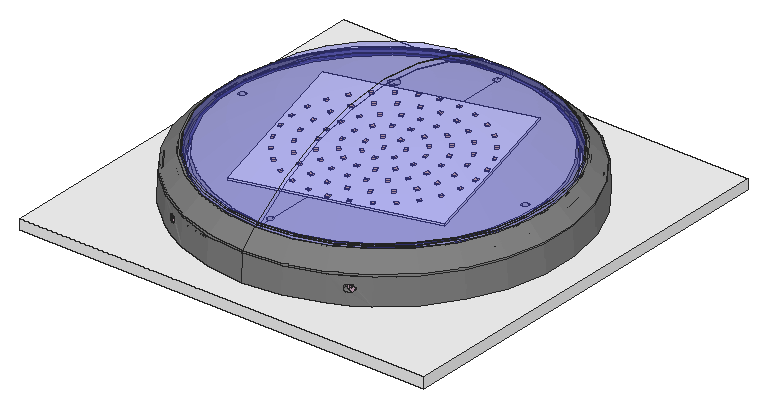
Revit family "BE_24714_de_DE", category Leuchten, Revit 2020
Family settings
  Basisbauteil = Fläche
  Bemaßung runder Anschluss = Durchmesser verwenden
  Teiletyp = Normal
  Beim Laden mit Abzugskörper schneiden = Ja
  Lichtquelle = Ja
  Gemeinsam genutzt = Nein
  Raumberechnungspunkt = Ja
Parameters (values of type "BEGA_24714_Grafit_K3")
  built-in parameter 1150104 = 13.284 (stored number, unit not read)
  Wattage = 27.8 W
  Default Elevation = 0 mm
  built-in parameter 1150113 = 1 (stored number, unit not read)
  built-in parameter 1114218 = 1 (stored number, unit not read)
  Umgebungstemperatur = "25 °C"
  URL = "https://www.bega.com/de/produkt/24714"
  Typenkommentare = "© 2022 BEGA. Wir behalten uns das Recht vor, technische Änderungen ohne vorherige Ankündigung vorzunehmen."  # constant formula
  built-in parameter 1150134 = (empty or 0)
  built-in parameter 1150109 = 1 (stored number, unit not read)
  Strom = ""
  built-in parameter 1150110 = 1 (stored number, unit not read)
  Spannung = 239.996 V
  Sonderanfertigung = no
  Seriennummer [instance] = "Hier können Sie die eindeutige Seriennummer für das Facility Management eintragen."
  Schutzklasse = "I"
  Schutzart = "IP 65"
  Scheinlast = 0 VA
  Produktdatenblatt = "https://cdn.bega.com/bega/products/24714AK3/current/documents/data-sheets/de"
  Oberflächentemperatur = ""
  Neigungswinkel = 0.00°
  Modell = "24714K3"
  Material_20 = BEGA_Platte_Weiss
  Material_18 = BEGA_Gummi_schwarz
  Material_17 = BEGA_Reflektor
  Material_15 = BEGA_Leuchtmedium_matt
  Material_11 = BEGA_Glas_opal
  Material_10 = BEGA_Glas_matt
  Material_09 = BEGA_Glas_klar
  Material_06 = BEGA_Oberfläche_Edelstahl_gebürstet
  Material_03 = BEGA_Oberfläche_Weiss_matt
  Material_02 = BEGA_Oberfläche_Silber_matt
  Material_01 [instance] = BEGA_Oberfläche_Grafit_matt
  M_W = no
  M_G = yes
  M_A = no
  Logo = 0
  built-in parameter 1114217 = 1 (stored number, unit not read)
  built-in parameter 1150139 = (empty or 0)
  built-in parameter 1150105 = 316.33 (stored number, unit not read)
  built-in parameter 1150114 = 1 (stored number, unit not read)
  Lumens = 3975.12 lm
  built-in parameter 1150115 = 1 (stored number, unit not read)
  Leuchtenlichtstrom = "2651 lm"
  Leuchtenanzahl = ""
  Lebensdauerkriterien = "L70B50 @ 25 °C = 155000 h"
  Lastklassifizierung = Beleuchtung
  built-in parameter 1150112 = 1 (stored number, unit not read)
  Lampenlichtstrom = "3975 lm"
  Lampe = "LED 23.9 W"
  LED_Modulbezeichnung = "LED-0993/830"
  built-in parameter 1150142 = (empty or 0)
  Hersteller = "BEGA"  # constant formula
  Halbstreuwinkel = ""
  Gewicht = "4.05 kg"
  Gebrauchslageneinschränkung [instance] = ""
  Frequenz = "0/50-60 Hz"
  Farbwiedergabeindex = "CRI > 80"
  Farbtemperaturverschiebung bei Dämpfen der Lampe = <Keine Auswahl>
  Farbtemperatur = "3000 K"
  Color Filter = 16777215
  built-in parameter 1150133 = 10 (stored number, unit not read)
  Energieeffizienzklasse = "LED A++ - A"
  built-in parameter 1150137 = (empty or 0)
  built-in parameter 1150132 = (empty or 0)
  ENEC = ""
  Dimmbar [instance] = "on/off"
  Datei für fotometrisches Netz = "BE_24714K3.IES"
  CE_Konformität = "ja"
  Bestellnummer = "24714K3"
  Beschreibung_Sonderanfertigung = "Hier können Sie Informationen zur Sonderanfertigung eintragen."
  Beschreibung = "Decken- und Wandleuchte"
  built-in parameter 1150106 = 3.1633 (stored number, unit not read)
  Befestigungsbohrung = "Ø 4,5 mm"
  Befestigungsabstand = "325 mm"
  Ballwurfsicher = ""
  BEGA_Intern_aus = yes
  BEGA_Intern_an = yes
  BEGA_Intern_Konstruktion = yes
  BEGA_Intern = yes
  BEGA_IES = yes
  BEGA_Dummy = no
  Anschlussleitung = ""
  Anschlussleistung [instance] = "27.8 W"
  Anschlusskasten = ""
  built-in parameter 1150107 = 3000 (stored number, unit not read)
  built-in parameter 1150102 = (empty or 0)
  built-in parameter 1150138 = (empty or 0)
  Aktualisierung = "2022-05-18T04:00:07"
  Abstand_zur_angestrahlten_Fläche [instance] = ""
  AC/DC = "AC/DC"
Reference planes
  plane 1 "Mitte (Vorne/Hinten)": y = 0
  plane 2: z = 0
  plane 3 "Mitte (Links/Rechts)": x = 0
  plane 4 "Links": x = -175.4
  plane 5 "Rechts": x = 175.4
  plane 6 "Unten": y = -175.4
  plane 7 "Oben": y = 175.4
  plane 8 "Vorne": z = 105
  plane 9 "Hinten": z = 0
Forms (mm)
  Extrusion 1, solid, material "BEGA_Platte_Weiss"
    sketch origin (0, -1119.2, 0) x (1, 0, 0) y (0, 1, 0)
      loop
        line (-200, 1319.2) -> (-200, 919.2) -> (200, 919.2) -> (200, 1319.2) -> (-200, 1319.2)
    from 0 to -10
  Extrusion 2, solid, material "BEGA_Dummy_matt", visible <- "BEGA_Dummy"
    sketch origin (77.149, -76.023, -0.282) x (1, 0, 0) y (0, 1, 0)
      loop
        circle (-77.149, 76.023) r 175.4
    from 0 to 105.282
Dimensions and locks
  plane 1 "Mitte (Vorne/Hinten)" to Extrusion 1 = 200 mm
  aligned and locked: Extrusion 1 to plane 2
  aligned and locked: level to Extrusion 1
Nested families
  nested 1: "BE_24714" at (0, 0, 0), type "BE_24714"
Connectors
  electrical at (0, 0, 0), driven by "Lastklassifizierung", driven by "Spannung", driven by "Scheinlast"
    settings: index 1, voltage 239.996 V, apparent load 0 VA, apparent load phase1 0 VA, apparent load phase2 0 VA, apparent load phase3 0 VA, power factor 1, load classification "Beleuchtung", number of poles 1, system type 31, power factor state 1, is connector primary yes, connector utility no, sub classification motor no, connector description ""
Definition of nested family "BE_24714"
  Parameters (values of type "BE_24714")
    Default Elevation = 1 mm
    URL = "http://www.bega.de/de/produkt"
    Type Comments = "© 2015 BEGA. Wir behalten uns das Recht vor, technische Änderungen ohne vorherige Ankündigung vorzunehmen. "  # constant formula
    Type Image = (empty or 0)
    Neigungswinkel_um_Z2 = 0.00°
    Neigungswinkel_um_Z1 = 0.00°
    Neigungswinkel_um_Y2 = 0.00°
    Neigungswinkel_um_Y1 = 0.00°
    Neigungswinkel_um_X2 = 0.00°
    Neigungswinkel_um_X1 = 0.00°
    Material_20 = none
    Material_18 = none
    Material_17 = none
    Material_15 = none
    Material_11 = none
    Material_10 = none
    Material_09 = none
    Material_06 = none
    Material_03 = none
    Material_02 = none
    Material_01 = none
    M_W = yes
    M_G = yes
    M_A = yes
    Länge_Platte = 400 mm  # constant formula
    Höhe_Platte = -10 mm  # constant formula
    Manufacturer = "BEGA"  # constant formula
    Drehwinkel_um_Z2 = 0.00°
    Drehwinkel_um_Z1 = 0.00°
    Breite_Platte = 400 mm  # constant formula
  Reference planes
    plane 1 "Mitte (Oben/Unten)": y = 0
    plane 2: z = 0
    plane 3 "Mitte (Links/Rechts)": x = 0
  Forms (mm)
    Extrusion 1, solid, detail levels medium
      sketch origin (0, 0, 0) x (1, 0, 0) y (0, 1, 0)
        loop
          line (-200, 200) -> (-200, -200) -> (200, -200) -> (200, 200) -> (-200, 200)
      from 0 to -10 <- "Höhe_Platte"
    Revolve 2, solid, material <- "Material_11"
      sketch origin (0, 0, 0) x (0, 1, 0) y (0, 0, 1)
        loop
          line (0, 104.896) -> (0, 99.896)
          arc (0, 99.896) -> (80.858, 85.501) -> (151.781, 44.087) r 234.3
          line (151.781, 44.087) -> (152.188, 32.41) -> (160, 32.41)
          arc (160, 32.41) -> (160.719, 32.715) -> (160.999, 33.443) r 1
          line (160.999, 33.443) -> (160.895, 36.443)
          arc (160.895, 36.443) -> (160.59, 37.129) -> (159.895, 37.41) r 1
          line (159.895, 37.41) -> (157.017, 37.41) -> (156.732, 45.577)
          arc (156.732, 45.577) -> (156.536, 46.374) -> (156.037, 47.026) r 2
          arc (156.037, 47.026) -> (83.211, 89.962) -> (0, 104.896) r 239.3
        axis (0, 32.41) -> (0, 104.896)
      angle from 0 to 360
    Revolve 3, solid, material <- "Material_01", visible <- "M_G"
      sketch origin (0, 0, 0) x (0, 1, 0) y (0, 0, 1)
        loop
          line (159, 44.435) -> (157.836, 44.435) -> (158, 39.74) -> (159.723, 39.74)
          arc (159.723, 39.74) -> (165.719, 34.044) -> (171.512, 28.143) r 236.3
          line (171.512, 28.143) -> (172.4, 2.7) -> (175.4, 2.7) -> (174.495, 28.624)
          arc (174.495, 28.624) -> (174.342, 29.327) -> (173.95, 29.931) r 2
          arc (173.95, 29.931) -> (166.633, 37.346) -> (159, 44.435) r 239.3
        axis (0, 2.7) -> (0, 44.435)
      angle from 0 to 360
    Revolve 4, solid, material <- "Material_03"
      sketch origin (0, 0, 0) x (0, 1, 0) y (0, 0, 1)
        loop
          line (-171, 22.9) -> (-170.895, 19.9) -> (-159.727, 19.9) -> (-159.5, 26.4) -> (-147.5, 26.4) -> (-145.603, 39.9) -> (0, 39.9) -> (0, 43.4) -> (-149.103, 43.4) -> (-151, 29.9) -> (-161.756, 29.9) -> (-162, 22.9) -> (-171, 22.9)
        axis (0, 43.4) -> (0, 19.9)
      angle from 0 to 360
    Revolve 5, solid, material <- "Material_01"
      sketch origin (0, 0, 0) x (0, 1, 0) y (0, 0, 1)
        loop
          line (-144.837, 7.2) -> (-145.5, 26.2) -> (-147.343, 26.2) -> (-147.5, 21.7) -> (-153.3, 21.7) -> (-153.457, 26.2) -> (-156, 26.2) -> (-155.794, 20.294) -> (-153, 17.5) -> (-148.2, 17.5) -> (-147.746, 4.5) -> (0, 4.5) -> (0, 7.2) -> (-144.837, 7.2)
        axis (0, 4.5) -> (0, 26.2)
      angle from 0 to 360
    Revolve 6, solid, material <- "Material_18"
      sketch origin (0, 0, 0) x (0, 1, 0) y (0, 0, 1)
        loop
          line (156.537, 39.74) -> (156.537, 37.41) -> (160.997, 37.41) -> (160.997, 32.41) -> (154.337, 32.41) -> (154.337, 29.9) -> (161.837, 29.9) -> (161.837, 37.66) -> (159.757, 39.74) -> (156.537, 39.74)
        axis (0, 29.9) -> (0, 39.74)
      angle from 0 to 360
    Extrusion 7, solid, material <- "Material_20"
      sketch origin (0, 0, 0) x (1, 0, 0) y (0, 1, 0)
        loop
          line (-112.064, 64.7) -> (-64.7, -112.064) -> (112.064, -64.7) -> (64.7, 112.064) -> (-112.064, 64.7)
      from 43.4 to 45.05
    Extrusion 8, solid, material <- "Material_01"
      sketch origin (0, 0, 0) x (1, 0, 0) y (0, 1, 0)
        loop
          arc (-163.508, 20.28) -> (-164.761, 0) -> (-163.508, -20.28) r 164.761
          arc (-163.508, -20.28) -> (-160.986, -22.244) -> (-159.021, -19.722) r 2.261
          arc (-159.021, -19.722) -> (-160.239, 0) -> (-159.021, 19.722) r 160.239
          arc (-159.021, 19.722) -> (-160.986, 22.246) -> (-163.508, 20.28) r 2.261
        loop
          line (-165.088, -28.942) -> (-140.124, -33.344) -> (-141.674, 33.071) -> (-165.088, 28.942)
          arc (-165.088, 28.942) -> (-167.606, 0) -> (-165.088, -28.942) r 167.606
        loop
          arc (159.021, -19.722) -> (161.01, -22.246) -> (163.514, -20.231) r 2.261
          arc (163.514, -20.231) -> (164.761, 0.023) -> (163.508, 20.276) r 164.761
          arc (163.508, 20.276) -> (160.987, 22.242) -> (159.021, 19.722) r 2.261
          arc (159.021, 19.722) -> (160.239, 0) -> (159.021, -19.722) r 160.239
        loop
          arc (165.088, -28.942) -> (167.606, 0) -> (165.088, 28.942) r 167.606
          line (165.088, 28.942) -> (141.674, 33.071) -> (140.124, -33.344) -> (165.088, -28.942)
      from 0 to 19.9
    Extrusion 9, void
      sketch origin (0, 0, 0) x (1, 0, 0) y (0, 1, 0)
        loop
          circle (0, 140) r 3.25
        loop
          circle (-59.689, 87.534) r 5.229
        loop
          circle (-140, 0) r 3.25
        loop
          circle (0, -140) r 3.25
        loop
          circle (140, 0) r 3.25
      from 37.7 to 45.4
    Revolve 10, solid, material <- "Material_02", visible <- "M_A"
      sketch origin (0, 0, 0) x (0, 1, 0) y (0, 0, 1)
        loop
          line (159, 44.435) -> (157.836, 44.435) -> (158, 39.74) -> (159.723, 39.74)
          arc (159.723, 39.74) -> (165.719, 34.044) -> (171.512, 28.143) r 236.3
          line (171.512, 28.143) -> (172.4, 2.7) -> (175.4, 2.7) -> (174.495, 28.624)
          arc (174.495, 28.624) -> (174.342, 29.327) -> (173.95, 29.931) r 2
          arc (173.95, 29.931) -> (166.633, 37.346) -> (159, 44.435) r 239.3
        axis (0, 2.7) -> (0, 44.435)
      angle from 0 to 360
    Extrusion 11, void
      sketch origin (0, 0, 0) x (1, 0, 0) y (0, 0, 1)
        loop
          circle (87.398, 17.9) r 4
      from 132.285 to 179.868
    Extrusion 12, void
      sketch origin (0, 0, 0) x (-1, 0, 0) y (0, 0, -1)
        loop
          circle (87.398, -17.9) r 4
      from 132.285 to 179.868
    Extrusion 13, solid, material <- "Material_06"
      sketch origin (0, 0, 0) x (1, 0, 0) y (0, 0, 1)
        loop
          circle (-87.398, 17.9) r 4
        loop
          circle (87.398, 17.9) r 4
      from 140.018 to 149.181
    Extrusion 14, void
      sketch origin (0, 0, 0) x (1, 0, 0) y (0, 0, 1)
        loop
          line (-87.398, 19.9) -> (-89.13, 18.9) -> (-89.13, 16.9) -> (-87.398, 15.9) -> (-85.666, 16.9) -> (-85.666, 18.9) -> (-87.398, 19.9)
        loop
          line (87.398, 19.9) -> (85.666, 18.9) -> (85.666, 16.9) -> (87.398, 15.9) -> (89.13, 16.9) -> (89.13, 18.9) -> (87.398, 19.9)
      from 141.7 to 155.573
    Extrusion 15, solid, material <- "Material_15"
      sketch origin (0, 0, 0) x (1, 0, 0) y (0, 1, 0)
        loop
          line (-33.353, 82.422) -> (-32.349, 79.808) -> (-29.362, 80.955) -> (-30.365, 83.569) -> (-33.353, 82.422)
      from 45.05 to 45.628
    Extrusion 16, solid, material <- "Material_15"
      sketch origin (0, 0, 0) x (0.978148, -0.207912, 0) y (0.207912, 0.978148, 0)
        loop
          line (-33.353, 82.422) -> (-32.349, 79.808) -> (-29.362, 80.955) -> (-30.365, 83.569) -> (-33.353, 82.422)
      from 45.05 to 45.628
    Extrusion 17, solid, material <- "Material_15"
      sketch origin (0, 0, 0) x (0.913545, -0.406737, 0) y (0.406737, 0.913545, 0)
        loop
          line (-33.353, 82.422) -> (-32.349, 79.808) -> (-29.362, 80.955) -> (-30.365, 83.569) -> (-33.353, 82.422)
      from 45.05 to 45.628
    Extrusion 18, solid, material <- "Material_15"
      sketch origin (0, 0, 0) x (0.809017, -0.587785, 0) y (0.587785, 0.809017, 0)
        loop
          line (-33.353, 82.422) -> (-32.349, 79.808) -> (-29.362, 80.955) -> (-30.365, 83.569) -> (-33.353, 82.422)
      from 45.05 to 45.628
    Extrusion 19, solid, material <- "Material_15"
      sketch origin (0, 0, 0) x (0.66913, -0.743145, 0) y (0.743145, 0.66913, 0)
        loop
          line (-33.353, 82.422) -> (-32.349, 79.808) -> (-29.362, 80.955) -> (-30.365, 83.569) -> (-33.353, 82.422)
      from 45.05 to 45.628
    Extrusion 20, solid, material <- "Material_15"
      sketch origin (0, 0, 0) x (0.5, -0.866026, 0) y (0.866026, 0.5, 0)
        loop
          line (-33.353, 82.422) -> (-32.349, 79.808) -> (-29.362, 80.955) -> (-30.365, 83.569) -> (-33.353, 82.422)
      from 45.05 to 45.628
    Extrusion 21, solid, material <- "Material_15"
      sketch origin (0, 0, 0) x (0.309017, -0.951057, 0) y (0.951057, 0.309017, 0)
        loop
          line (-33.353, 82.422) -> (-32.349, 79.808) -> (-29.362, 80.955) -> (-30.365, 83.569) -> (-33.353, 82.422)
      from 45.05 to 45.628
    Extrusion 22, solid, material <- "Material_15"
      sketch origin (0, 0, 0) x (0.104528, -0.994522, 0) y (0.994522, 0.104528, 0)
        loop
          line (-33.353, 82.422) -> (-32.349, 79.808) -> (-29.362, 80.955) -> (-30.365, 83.569) -> (-33.353, 82.422)
      from 45.05 to 45.628
    Extrusion 23, solid, material <- "Material_15"
      sketch origin (0, 0, 0) x (-0.104529, -0.994522, 0) y (0.994522, -0.104529, 0)
        loop
          line (-33.353, 82.422) -> (-32.349, 79.808) -> (-29.362, 80.955) -> (-30.365, 83.569) -> (-33.353, 82.422)
      from 45.05 to 45.628
    Extrusion 24, solid, material <- "Material_15"
      sketch origin (0, 0, 0) x (-0.309017, -0.951056, 0) y (0.951056, -0.309017, 0)
        loop
          line (-33.353, 82.422) -> (-32.349, 79.808) -> (-29.362, 80.955) -> (-30.365, 83.569) -> (-33.353, 82.422)
      from 45.05 to 45.628
    Extrusion 25, solid, material <- "Material_15"
      sketch origin (0, 0, 0) x (-0.5, -0.866025, 0) y (0.866025, -0.5, 0)
        loop
          line (-33.353, 82.422) -> (-32.349, 79.808) -> (-29.362, 80.955) -> (-30.365, 83.569) -> (-33.353, 82.422)
      from 45.05 to 45.628
    Extrusion 26, solid, material <- "Material_15"
      sketch origin (0, 0, 0) x (-0.669131, -0.743145, 0) y (0.743145, -0.669131, 0)
        loop
          line (-33.353, 82.422) -> (-32.349, 79.808) -> (-29.362, 80.955) -> (-30.365, 83.569) -> (-33.353, 82.422)
      from 45.05 to 45.628
    Extrusion 27, solid, material <- "Material_15"
      sketch origin (0, 0, 0) x (-0.809017, -0.587785, 0) y (0.587785, -0.809017, 0)
        loop
          line (-33.353, 82.422) -> (-32.349, 79.808) -> (-29.362, 80.955) -> (-30.365, 83.569) -> (-33.353, 82.422)
      from 45.05 to 45.628
    Extrusion 28, solid, material <- "Material_15"
      sketch origin (0, 0, 0) x (-0.913546, -0.406736, 0) y (0.406736, -0.913546, 0)
        loop
          line (-33.353, 82.422) -> (-32.349, 79.808) -> (-29.362, 80.955) -> (-30.365, 83.569) -> (-33.353, 82.422)
      from 45.05 to 45.628
    Extrusion 29, solid, material <- "Material_15"
      sketch origin (0, 0, 0) x (-0.978148, -0.207911, 0) y (0.207911, -0.978148, 0)
        loop
          line (-33.353, 82.422) -> (-32.349, 79.808) -> (-29.362, 80.955) -> (-30.365, 83.569) -> (-33.353, 82.422)
      from 45.05 to 45.628
    Extrusion 30, solid, material <- "Material_15"
      sketch origin (0, 0, 0) x (-1, 0.000001, 0) y (-0.000001, -1, 0)
        loop
          line (-33.353, 82.422) -> (-32.349, 79.808) -> (-29.362, 80.955) -> (-30.365, 83.569) -> (-33.353, 82.422)
      from 45.05 to 45.628
    Extrusion 31, solid, material <- "Material_15"
      sketch origin (0, 0, 0) x (-0.978147, 0.207912, 0) y (-0.207912, -0.978147, 0)
        loop
          line (-33.353, 82.422) -> (-32.349, 79.808) -> (-29.362, 80.955) -> (-30.365, 83.569) -> (-33.353, 82.422)
      from 45.05 to 45.628
    Extrusion 32, solid, material <- "Material_15"
      sketch origin (0, 0, 0) x (-0.913545, 0.406737, 0) y (-0.406737, -0.913545, 0)
        loop
          line (-33.353, 82.422) -> (-32.349, 79.808) -> (-29.362, 80.955) -> (-30.365, 83.569) -> (-33.353, 82.422)
      from 45.05 to 45.628
    Extrusion 33, solid, material <- "Material_15"
      sketch origin (0, 0, 0) x (-0.809017, 0.587786, 0) y (-0.587786, -0.809017, 0)
        loop
          line (-33.353, 82.422) -> (-32.349, 79.808) -> (-29.362, 80.955) -> (-30.365, 83.569) -> (-33.353, 82.422)
      from 45.05 to 45.628
    Extrusion 34, solid, material <- "Material_15"
      sketch origin (0, 0, 0) x (-0.66913, 0.743145, 0) y (-0.743145, -0.66913, 0)
        loop
          line (-33.353, 82.422) -> (-32.349, 79.808) -> (-29.362, 80.955) -> (-30.365, 83.569) -> (-33.353, 82.422)
      from 45.05 to 45.628
    Extrusion 35, solid, material <- "Material_15"
      sketch origin (0, 0, 0) x (-0.499999, 0.866026, 0) y (-0.866026, -0.499999, 0)
        loop
          line (-33.353, 82.422) -> (-32.349, 79.808) -> (-29.362, 80.955) -> (-30.365, 83.569) -> (-33.353, 82.422)
      from 45.05 to 45.628
    Extrusion 36, solid, material <- "Material_15"
      sketch origin (0, 0, 0) x (-0.309016, 0.951057, 0) y (-0.951057, -0.309016, 0)
        loop
          line (-33.353, 82.422) -> (-32.349, 79.808) -> (-29.362, 80.955) -> (-30.365, 83.569) -> (-33.353, 82.422)
      from 45.05 to 45.628
    Extrusion 37, solid, material <- "Material_15"
      sketch origin (0, 0, 0) x (-0.104528, 0.994522, 0) y (-0.994522, -0.104528, 0)
        loop
          line (-33.353, 82.422) -> (-32.349, 79.808) -> (-29.362, 80.955) -> (-30.365, 83.569) -> (-33.353, 82.422)
      from 45.05 to 45.628
    Extrusion 38, solid, material <- "Material_15"
      sketch origin (0, 0, 0) x (0.104529, 0.994522, 0) y (-0.994522, 0.104529, 0)
        loop
          line (-33.353, 82.422) -> (-32.349, 79.808) -> (-29.362, 80.955) -> (-30.365, 83.569) -> (-33.353, 82.422)
      from 45.05 to 45.628
    Extrusion 39, solid, material <- "Material_15"
      sketch origin (0, 0, 0) x (0.309018, 0.951056, 0) y (-0.951056, 0.309018, 0)
        loop
          line (-33.353, 82.422) -> (-32.349, 79.808) -> (-29.362, 80.955) -> (-30.365, 83.569) -> (-33.353, 82.422)
      from 45.05 to 45.628
    Extrusion 40, solid, material <- "Material_15"
      sketch origin (0, 0, 0) x (0.500001, 0.866025, 0) y (-0.866025, 0.500001, 0)
        loop
          line (-33.353, 82.422) -> (-32.349, 79.808) -> (-29.362, 80.955) -> (-30.365, 83.569) -> (-33.353, 82.422)
      from 45.05 to 45.628
    Extrusion 41, solid, material <- "Material_15"
      sketch origin (0, 0, 0) x (0.669131, 0.743144, 0) y (-0.743144, 0.669131, 0)
        loop
          line (-33.353, 82.422) -> (-32.349, 79.808) -> (-29.362, 80.955) -> (-30.365, 83.569) -> (-33.353, 82.422)
      from 45.05 to 45.628
    Extrusion 42, solid, material <- "Material_15"
      sketch origin (0, 0, 0) x (0.809018, 0.587784, 0) y (-0.587784, 0.809018, 0)
        loop
          line (-33.353, 82.422) -> (-32.349, 79.808) -> (-29.362, 80.955) -> (-30.365, 83.569) -> (-33.353, 82.422)
      from 45.05 to 45.628
    Extrusion 43, solid, material <- "Material_15"
      sketch origin (0, 0, 0) x (0.913546, 0.406736, 0) y (-0.406736, 0.913546, 0)
        loop
          line (-33.353, 82.422) -> (-32.349, 79.808) -> (-29.362, 80.955) -> (-30.365, 83.569) -> (-33.353, 82.422)
      from 45.05 to 45.628
    Extrusion 44, solid, material <- "Material_15"
      sketch origin (0, 0, 0) x (0.978148, 0.207911, 0) y (-0.207911, 0.978148, 0)
        loop
          line (-33.353, 82.422) -> (-32.349, 79.808) -> (-29.362, 80.955) -> (-30.365, 83.569) -> (-33.353, 82.422)
      from 45.05 to 45.628
    Extrusion 45, solid, material <- "Material_15"
      sketch origin (0, 0, 0) x (1, 0, 0) y (0, 1, 0)
        loop
          line (-1.6, 71.4) -> (-1.6, 68.6) -> (1.6, 68.6) -> (1.6, 71.4) -> (-1.6, 71.4)
      from 45.05 to 45.918
    Extrusion 46, solid, material <- "Material_15"
      sketch origin (0, 0, 0) x (0.965926, -0.258819, 0) y (0.258819, 0.965926, 0)
        loop
          line (-1.6, 71.4) -> (-1.6, 68.6) -> (1.6, 68.6) -> (1.6, 71.4) -> (-1.6, 71.4)
      from 45.05 to 45.918
    Extrusion 47, solid, material <- "Material_15"
      sketch origin (0, 0, 0) x (0.866025, -0.5, 0) y (0.5, 0.866025, 0)
        loop
          line (-1.6, 71.4) -> (-1.6, 68.6) -> (1.6, 68.6) -> (1.6, 71.4) -> (-1.6, 71.4)
      from 45.05 to 45.918
    Extrusion 48, solid, material <- "Material_15"
      sketch origin (0, 0, 0) x (0.707107, -0.707107, 0) y (0.707107, 0.707107, 0)
        loop
          line (-1.6, 71.4) -> (-1.6, 68.6) -> (1.6, 68.6) -> (1.6, 71.4) -> (-1.6, 71.4)
      from 45.05 to 45.918
    Extrusion 49, solid, material <- "Material_15"
      sketch origin (0, 0, 0) x (0.5, -0.866025, 0) y (0.866025, 0.5, 0)
        loop
          line (-1.6, 71.4) -> (-1.6, 68.6) -> (1.6, 68.6) -> (1.6, 71.4) -> (-1.6, 71.4)
      from 45.05 to 45.918
    Extrusion 50, solid, material <- "Material_15"
      sketch origin (0, 0, 0) x (0.258819, -0.965926, 0) y (0.965926, 0.258819, 0)
        loop
          line (-1.6, 71.4) -> (-1.6, 68.6) -> (1.6, 68.6) -> (1.6, 71.4) -> (-1.6, 71.4)
      from 45.05 to 45.918
    Extrusion 51, solid, material <- "Material_15"
      sketch origin (0, 0, 0) x (0, -1, 0) y (1, 0, 0)
        loop
          line (-1.6, 71.4) -> (-1.6, 68.6) -> (1.6, 68.6) -> (1.6, 71.4) -> (-1.6, 71.4)
      from 45.05 to 45.918
    Extrusion 52, solid, material <- "Material_15"
      sketch origin (0, 0, 0) x (-0.258819, -0.965926, 0) y (0.965926, -0.258819, 0)
        loop
          line (-1.6, 71.4) -> (-1.6, 68.6) -> (1.6, 68.6) -> (1.6, 71.4) -> (-1.6, 71.4)
      from 45.05 to 45.918
    Extrusion 53, solid, material <- "Material_15"
      sketch origin (0, 0, 0) x (-0.5, -0.866025, 0) y (0.866025, -0.5, 0)
        loop
          line (-1.6, 71.4) -> (-1.6, 68.6) -> (1.6, 68.6) -> (1.6, 71.4) -> (-1.6, 71.4)
      from 45.05 to 45.918
    Extrusion 54, solid, material <- "Material_15"
      sketch origin (0, 0, 0) x (-0.707107, -0.707107, 0) y (0.707107, -0.707107, 0)
        loop
          line (-1.6, 71.4) -> (-1.6, 68.6) -> (1.6, 68.6) -> (1.6, 71.4) -> (-1.6, 71.4)
      from 45.05 to 45.918
    Extrusion 55, solid, material <- "Material_15"
      sketch origin (0, 0, 0) x (-0.866026, -0.5, 0) y (0.5, -0.866026, 0)
        loop
          line (-1.6, 71.4) -> (-1.6, 68.6) -> (1.6, 68.6) -> (1.6, 71.4) -> (-1.6, 71.4)
      from 45.05 to 45.918
    Extrusion 56, solid, material <- "Material_15"
      sketch origin (0, 0, 0) x (-0.965926, -0.258819, 0) y (0.258819, -0.965926, 0)
        loop
          line (-1.6, 71.4) -> (-1.6, 68.6) -> (1.6, 68.6) -> (1.6, 71.4) -> (-1.6, 71.4)
      from 45.05 to 45.918
    Extrusion 57, solid, material <- "Material_15"
      sketch origin (0, 0, 0) x (-1, 0, 0) y (0, -1, 0)
        loop
          line (-1.6, 71.4) -> (-1.6, 68.6) -> (1.6, 68.6) -> (1.6, 71.4) -> (-1.6, 71.4)
      from 45.05 to 45.918
    Extrusion 58, solid, material <- "Material_15"
      sketch origin (0, 0, 0) x (-0.965926, 0.25882, 0) y (-0.25882, -0.965926, 0)
        loop
          line (-1.6, 71.4) -> (-1.6, 68.6) -> (1.6, 68.6) -> (1.6, 71.4) -> (-1.6, 71.4)
      from 45.05 to 45.918
    Extrusion 59, solid, material <- "Material_15"
      sketch origin (0, 0, 0) x (-0.866025, 0.5, 0) y (-0.5, -0.866025, 0)
        loop
          line (-1.6, 71.4) -> (-1.6, 68.6) -> (1.6, 68.6) -> (1.6, 71.4) -> (-1.6, 71.4)
      from 45.05 to 45.918
    Extrusion 60, solid, material <- "Material_15"
      sketch origin (0, 0, 0) x (-0.707106, 0.707107, 0) y (-0.707107, -0.707106, 0)
        loop
          line (-1.6, 71.4) -> (-1.6, 68.6) -> (1.6, 68.6) -> (1.6, 71.4) -> (-1.6, 71.4)
      from 45.05 to 45.918
    Extrusion 61, solid, material <- "Material_15"
      sketch origin (0, 0, 0) x (-0.499999, 0.866026, 0) y (-0.866026, -0.499999, 0)
        loop
          line (-1.6, 71.4) -> (-1.6, 68.6) -> (1.6, 68.6) -> (1.6, 71.4) -> (-1.6, 71.4)
      from 45.05 to 45.918
    Extrusion 62, solid, material <- "Material_15"
      sketch origin (0, 0, 0) x (-0.258818, 0.965926, 0) y (-0.965926, -0.258818, 0)
        loop
          line (-1.6, 71.4) -> (-1.6, 68.6) -> (1.6, 68.6) -> (1.6, 71.4) -> (-1.6, 71.4)
      from 45.05 to 45.918
    Extrusion 63, solid, material <- "Material_15"
      sketch origin (0, 0, 0) x (0.000001, 1, 0) y (-1, 0.000001, 0)
        loop
          line (-1.6, 71.4) -> (-1.6, 68.6) -> (1.6, 68.6) -> (1.6, 71.4) -> (-1.6, 71.4)
      from 45.05 to 45.918
    Extrusion 64, solid, material <- "Material_15"
      sketch origin (0, 0, 0) x (0.25882, 0.965926, 0) y (-0.965926, 0.25882, 0)
        loop
          line (-1.6, 71.4) -> (-1.6, 68.6) -> (1.6, 68.6) -> (1.6, 71.4) -> (-1.6, 71.4)
      from 45.05 to 45.918
    Extrusion 65, solid, material <- "Material_15"
      sketch origin (0, 0, 0) x (0.500001, 0.866025, 0) y (-0.866025, 0.500001, 0)
        loop
          line (-1.6, 71.4) -> (-1.6, 68.6) -> (1.6, 68.6) -> (1.6, 71.4) -> (-1.6, 71.4)
      from 45.05 to 45.918
    Extrusion 66, solid, material <- "Material_15"
      sketch origin (0, 0, 0) x (0.707107, 0.707106, 0) y (-0.707106, 0.707107, 0)
        loop
          line (-1.6, 71.4) -> (-1.6, 68.6) -> (1.6, 68.6) -> (1.6, 71.4) -> (-1.6, 71.4)
      from 45.05 to 45.918
    Extrusion 67, solid, material <- "Material_15"
      sketch origin (0, 0, 0) x (0.866026, 0.499999, 0) y (-0.499999, 0.866026, 0)
        loop
          line (-1.6, 71.4) -> (-1.6, 68.6) -> (1.6, 68.6) -> (1.6, 71.4) -> (-1.6, 71.4)
      from 45.05 to 45.918
    Extrusion 68, solid, material <- "Material_15"
      sketch origin (0, 0, 0) x (0.965926, 0.258818, 0) y (-0.258818, 0.965926, 0)
        loop
          line (-1.6, 71.4) -> (-1.6, 68.6) -> (1.6, 68.6) -> (1.6, 71.4) -> (-1.6, 71.4)
      from 45.05 to 45.918
    Extrusion 69, solid, material <- "Material_15"
      sketch origin (0, 0, 0) x (1, 0, 0) y (0, 1, 0)
        loop
          line (-7.225, 53.437) -> (-6.933, 50.653) -> (-3.75, 50.987) -> (-4.043, 53.772) -> (-7.225, 53.437)
      from 45.05 to 45.918
    Extrusion 70, solid, material <- "Material_15"
      sketch origin (0, 0, 0) x (0.951056, -0.309017, 0) y (0.309017, 0.951056, 0)
        loop
          line (-7.225, 53.437) -> (-6.933, 50.653) -> (-3.75, 50.987) -> (-4.043, 53.772) -> (-7.225, 53.437)
      from 45.05 to 45.918
    Extrusion 71, solid, material <- "Material_15"
      sketch origin (0, 0, 0) x (0.809017, -0.587786, 0) y (0.587786, 0.809017, 0)
        loop
          line (-7.225, 53.437) -> (-6.933, 50.653) -> (-3.75, 50.987) -> (-4.043, 53.772) -> (-7.225, 53.437)
      from 45.05 to 45.918
    Extrusion 72, solid, material <- "Material_15"
      sketch origin (0, 0, 0) x (0.587784, -0.809018, 0) y (0.809018, 0.587784, 0)
        loop
          line (-7.225, 53.437) -> (-6.933, 50.653) -> (-3.75, 50.987) -> (-4.043, 53.772) -> (-7.225, 53.437)
      from 45.05 to 45.918
    Extrusion 73, solid, material <- "Material_15"
      sketch origin (0, 0, 0) x (0.309016, -0.951057, 0) y (0.951057, 0.309016, 0)
        loop
          line (-7.225, 53.437) -> (-6.933, 50.653) -> (-3.75, 50.987) -> (-4.043, 53.772) -> (-7.225, 53.437)
      from 45.05 to 45.918
    Extrusion 74, solid, material <- "Material_15"
      sketch origin (0, 0, 0) x (-0.000002, -1, 0) y (1, -0.000002, 0)
        loop
          line (-7.225, 53.437) -> (-6.933, 50.653) -> (-3.75, 50.987) -> (-4.043, 53.772) -> (-7.225, 53.437)
      from 45.05 to 45.918
    Extrusion 75, solid, material <- "Material_15"
      sketch origin (0, 0, 0) x (-0.309019, -0.951056, 0) y (0.951056, -0.309019, 0)
        loop
          line (-7.225, 53.437) -> (-6.933, 50.653) -> (-3.75, 50.987) -> (-4.043, 53.772) -> (-7.225, 53.437)
      from 45.05 to 45.918
    Extrusion 76, solid, material <- "Material_15"
      sketch origin (0, 0, 0) x (-0.587787, -0.809015, 0) y (0.809015, -0.587787, 0)
        loop
          line (-7.225, 53.437) -> (-6.933, 50.653) -> (-3.75, 50.987) -> (-4.043, 53.772) -> (-7.225, 53.437)
      from 45.05 to 45.918
    Extrusion 77, solid, material <- "Material_15"
      sketch origin (0, 0, 0) x (-0.809019, -0.587783, 0) y (0.587783, -0.809019, 0)
        loop
          line (-7.225, 53.437) -> (-6.933, 50.653) -> (-3.75, 50.987) -> (-4.043, 53.772) -> (-7.225, 53.437)
      from 45.05 to 45.918
    Extrusion 78, solid, material <- "Material_15"
      sketch origin (0, 0, 0) x (-0.951058, -0.309014, 0) y (0.309014, -0.951058, 0)
        loop
          line (-7.225, 53.437) -> (-6.933, 50.653) -> (-3.75, 50.987) -> (-4.043, 53.772) -> (-7.225, 53.437)
      from 45.05 to 45.918
    Extrusion 79, solid, material <- "Material_15"
      sketch origin (0, 0, 0) x (-1, 0.000004, 0) y (-0.000004, -1, 0)
        loop
          line (-7.225, 53.437) -> (-6.933, 50.653) -> (-3.75, 50.987) -> (-4.043, 53.772) -> (-7.225, 53.437)
      from 45.05 to 45.918
    Extrusion 80, solid, material <- "Material_15"
      sketch origin (0, 0, 0) x (-0.951055, 0.309021, 0) y (-0.309021, -0.951055, 0)
        loop
          line (-7.225, 53.437) -> (-6.933, 50.653) -> (-3.75, 50.987) -> (-4.043, 53.772) -> (-7.225, 53.437)
      from 45.05 to 45.918
    Extrusion 81, solid, material <- "Material_15"
      sketch origin (0, 0, 0) x (-0.809014, 0.587789, 0) y (-0.587789, -0.809014, 0)
        loop
          line (-7.225, 53.437) -> (-6.933, 50.653) -> (-3.75, 50.987) -> (-4.043, 53.772) -> (-7.225, 53.437)
      from 45.05 to 45.918
    Extrusion 82, solid, material <- "Material_15"
      sketch origin (0, 0, 0) x (-0.587781, 0.80902, 0) y (-0.80902, -0.587781, 0)
        loop
          line (-7.225, 53.437) -> (-6.933, 50.653) -> (-3.75, 50.987) -> (-4.043, 53.772) -> (-7.225, 53.437)
      from 45.05 to 45.918
    Extrusion 83, solid, material <- "Material_15"
      sketch origin (0, 0, 0) x (-0.309012, 0.951058, 0) y (-0.951058, -0.309012, 0)
        loop
          line (-7.225, 53.437) -> (-6.933, 50.653) -> (-3.75, 50.987) -> (-4.043, 53.772) -> (-7.225, 53.437)
      from 45.05 to 45.918
    Extrusion 84, solid, material <- "Material_15"
      sketch origin (0, 0, 0) x (0.000006, 1, 0) y (-1, 0.000006, 0)
        loop
          line (-7.225, 53.437) -> (-6.933, 50.653) -> (-3.75, 50.987) -> (-4.043, 53.772) -> (-7.225, 53.437)
      from 45.05 to 45.918
    Extrusion 85, solid, material <- "Material_15"
      sketch origin (0, 0, 0) x (0.309023, 0.951055, 0) y (-0.951055, 0.309023, 0)
        loop
          line (-7.225, 53.437) -> (-6.933, 50.653) -> (-3.75, 50.987) -> (-4.043, 53.772) -> (-7.225, 53.437)
      from 45.05 to 45.918
    Extrusion 86, solid, material <- "Material_15"
      sketch origin (0, 0, 0) x (0.58779, 0.809013, 0) y (-0.809013, 0.58779, 0)
        loop
          line (-7.225, 53.437) -> (-6.933, 50.653) -> (-3.75, 50.987) -> (-4.043, 53.772) -> (-7.225, 53.437)
      from 45.05 to 45.918
    Extrusion 87, solid, material <- "Material_15"
      sketch origin (0, 0, 0) x (0.809021, 0.58778, 0) y (-0.58778, 0.809021, 0)
        loop
          line (-7.225, 53.437) -> (-6.933, 50.653) -> (-3.75, 50.987) -> (-4.043, 53.772) -> (-7.225, 53.437)
      from 45.05 to 45.918
    Extrusion 88, solid, material <- "Material_15"
      sketch origin (0, 0, 0) x (0.951059, 0.30901, 0) y (-0.30901, 0.951059, 0)
        loop
          line (-7.225, 53.437) -> (-6.933, 50.653) -> (-3.75, 50.987) -> (-4.043, 53.772) -> (-7.225, 53.437)
      from 45.05 to 45.918
    Extrusion 89, solid, material <- "Material_15"
      sketch origin (0, 0, 0) x (1, 0, 0) y (0, 1, 0)
        loop
          line (-18.423, 31.434) -> (-17.115, 28.959) -> (-14.286, 30.454) -> (-15.594, 32.929) -> (-18.423, 31.434)
      from 45.05 to 45.918
    Extrusion 90, solid, material <- "Material_15"
      sketch origin (0, 0, 0) x (0.900969, -0.433884, 0) y (0.433884, 0.900969, 0)
        loop
          line (-18.423, 31.434) -> (-17.115, 28.959) -> (-14.286, 30.454) -> (-15.594, 32.929) -> (-18.423, 31.434)
      from 45.05 to 45.918
    Extrusion 91, solid, material <- "Material_15"
      sketch origin (0, 0, 0) x (0.62349, -0.781831, 0) y (0.781831, 0.62349, 0)
        loop
          line (-18.423, 31.434) -> (-17.115, 28.959) -> (-14.286, 30.454) -> (-15.594, 32.929) -> (-18.423, 31.434)
      from 45.05 to 45.918
    Extrusion 92, solid, material <- "Material_15"
      sketch origin (0, 0, 0) x (0.222522, -0.974928, 0) y (0.974928, 0.222522, 0)
        loop
          line (-18.423, 31.434) -> (-17.115, 28.959) -> (-14.286, 30.454) -> (-15.594, 32.929) -> (-18.423, 31.434)
      from 45.05 to 45.918
    Extrusion 93, solid, material <- "Material_15"
      sketch origin (0, 0, 0) x (-0.22252, -0.974928, 0) y (0.974928, -0.22252, 0)
        loop
          line (-18.423, 31.434) -> (-17.115, 28.959) -> (-14.286, 30.454) -> (-15.594, 32.929) -> (-18.423, 31.434)
      from 45.05 to 45.918
    Extrusion 94, solid, material <- "Material_15"
      sketch origin (0, 0, 0) x (-0.623489, -0.781832, 0) y (0.781832, -0.623489, 0)
        loop
          line (-18.423, 31.434) -> (-17.115, 28.959) -> (-14.286, 30.454) -> (-15.594, 32.929) -> (-18.423, 31.434)
      from 45.05 to 45.918
    Extrusion 95, solid, material <- "Material_15"
      sketch origin (0, 0, 0) x (-0.900968, -0.433885, 0) y (0.433885, -0.900968, 0)
        loop
          line (-18.423, 31.434) -> (-17.115, 28.959) -> (-14.286, 30.454) -> (-15.594, 32.929) -> (-18.423, 31.434)
      from 45.05 to 45.918
    Extrusion 96, solid, material <- "Material_15"
      sketch origin (0, 0, 0) x (-1, -0.000002, 0) y (0.000002, -1, 0)
        loop
          line (-18.423, 31.434) -> (-17.115, 28.959) -> (-14.286, 30.454) -> (-15.594, 32.929) -> (-18.423, 31.434)
      from 45.05 to 45.918
    Extrusion 97, solid, material <- "Material_15"
      sketch origin (0, 0, 0) x (-0.90097, 0.433882, 0) y (-0.433882, -0.90097, 0)
        loop
          line (-18.423, 31.434) -> (-17.115, 28.959) -> (-14.286, 30.454) -> (-15.594, 32.929) -> (-18.423, 31.434)
      from 45.05 to 45.918
    Extrusion 98, solid, material <- "Material_15"
      sketch origin (0, 0, 0) x (-0.623491, 0.78183, 0) y (-0.78183, -0.623491, 0)
        loop
          line (-18.423, 31.434) -> (-17.115, 28.959) -> (-14.286, 30.454) -> (-15.594, 32.929) -> (-18.423, 31.434)
      from 45.05 to 45.918
    Extrusion 99, solid, material <- "Material_15"
      sketch origin (0, 0, 0) x (-0.222523, 0.974927, 0) y (-0.974927, -0.222523, 0)
        loop
          line (-18.423, 31.434) -> (-17.115, 28.959) -> (-14.286, 30.454) -> (-15.594, 32.929) -> (-18.423, 31.434)
      from 45.05 to 45.918
    Extrusion 100, solid, material <- "Material_15"
      sketch origin (0, 0, 0) x (0.222518, 0.974928, 0) y (-0.974928, 0.222518, 0)
        loop
          line (-18.423, 31.434) -> (-17.115, 28.959) -> (-14.286, 30.454) -> (-15.594, 32.929) -> (-18.423, 31.434)
      from 45.05 to 45.918
    Extrusion 101, solid, material <- "Material_15"
      sketch origin (0, 0, 0) x (0.623488, 0.781833, 0) y (-0.781833, 0.623488, 0)
        loop
          line (-18.423, 31.434) -> (-17.115, 28.959) -> (-14.286, 30.454) -> (-15.594, 32.929) -> (-18.423, 31.434)
      from 45.05 to 45.918
    Extrusion 102, solid, material <- "Material_15"
      sketch origin (0, 0, 0) x (0.900968, 0.433887, 0) y (-0.433887, 0.900968, 0)
        loop
          line (-18.423, 31.434) -> (-17.115, 28.959) -> (-14.286, 30.454) -> (-15.594, 32.929) -> (-18.423, 31.434)
      from 45.05 to 45.918
    Extrusion 103, solid, material <- "Material_15"
      sketch origin (0, 0, 0) x (1, 0, 0) y (0, 1, 0)
        loop
          line (1.942, 18.868) -> (1.421, 16.117) -> (4.565, 15.522) -> (5.086, 18.273) -> (1.942, 18.868)
      from 45.05 to 45.918
    Extrusion 104, solid, material <- "Material_15"
      sketch origin (0, 0, 0) x (0.62349, -0.781831, 0) y (0.781831, 0.62349, 0)
        loop
          line (1.942, 18.868) -> (1.421, 16.117) -> (4.565, 15.522) -> (5.086, 18.273) -> (1.942, 18.868)
      from 45.05 to 45.918
    Extrusion 105, solid, material <- "Material_15"
      sketch origin (0, 0, 0) x (-0.22252, -0.974928, 0) y (0.974928, -0.22252, 0)
        loop
          line (1.942, 18.868) -> (1.421, 16.117) -> (4.565, 15.522) -> (5.086, 18.273) -> (1.942, 18.868)
      from 45.05 to 45.918
    Extrusion 106, solid, material <- "Material_15"
      sketch origin (0, 0, 0) x (-0.900968, -0.433885, 0) y (0.433885, -0.900968, 0)
        loop
          line (1.942, 18.868) -> (1.421, 16.117) -> (4.565, 15.522) -> (5.086, 18.273) -> (1.942, 18.868)
      from 45.05 to 45.918
    Extrusion 107, solid, material <- "Material_15"
      sketch origin (0, 0, 0) x (-0.900969, 0.433883, 0) y (-0.433883, -0.900969, 0)
        loop
          line (1.942, 18.868) -> (1.421, 16.117) -> (4.565, 15.522) -> (5.086, 18.273) -> (1.942, 18.868)
      from 45.05 to 45.918
    Extrusion 108, solid, material <- "Material_15"
      sketch origin (0, 0, 0) x (-0.222522, 0.974928, 0) y (-0.974928, -0.222522, 0)
        loop
          line (1.942, 18.868) -> (1.421, 16.117) -> (4.565, 15.522) -> (5.086, 18.273) -> (1.942, 18.868)
      from 45.05 to 45.918
    Extrusion 109, solid, material <- "Material_15"
      sketch origin (0, 0, 0) x (0.623488, 0.781833, 0) y (-0.781833, 0.623488, 0)
        loop
          line (1.942, 18.868) -> (1.421, 16.117) -> (4.565, 15.522) -> (5.086, 18.273) -> (1.942, 18.868)
      from 45.05 to 45.918
    Extrusion 110, solid, material <- "Material_15"
      sketch origin (0, 0, 0) x (1, 0, 0) y (0, 1, 0)
        loop
          line (-1.766, 1.183) -> (-0.938, -1.908) -> (1.766, -1.183) -> (0.938, 1.908) -> (-1.766, 1.183)
      from 45.05 to 45.918
  Cuts and joins
    Extrusion 9, Extrusion 11, Extrusion 14 cuts Revolve 5
    Extrusion 9, Extrusion 11, Extrusion 14 cuts Extrusion 8
    joined: Revolve 5, Extrusion 8
    Extrusion 9 cuts Revolve 2
    Extrusion 9, Extrusion 11, Extrusion 12 cuts Revolve 4
    Extrusion 11, Extrusion 12 cuts Revolve 3
    Extrusion 11, Extrusion 12 cuts Revolve 10
    Extrusion 14 cuts Extrusion 13
  Dimensions and locks
    equal spacing: Extrusion 1 sketch curve, plane 3 "Mitte (Links/Rechts)", Extrusion 1 sketch curve
    equal spacing: Extrusion 1 sketch curve, plane 1 "Mitte (Oben/Unten)", Extrusion 1 sketch curve
    "Länge_Platte": Extrusion 1 sketch curve to Extrusion 1 sketch curve
    "Breite_Platte": Extrusion 1 sketch curve to Extrusion 1 sketch curve
    aligned and locked: Extrusion 1 to plane 2
    aligned and locked: level to Extrusion 1
  Automatic sketch dimensions
    Revolve 2 sketch curve to Revolve 2 sketch curve = 0 mm  (x3)
    Revolve 2 sketch curve to plane 1 "Mitte (Oben/Unten)" = 0 mm  (x2)
    level to Revolve 2 sketch curve = 44.087 mm
    Revolve 2 sketch curve to plane 1 "Mitte (Oben/Unten)" = 151.781 mm
    level to Revolve 2 sketch curve = 32.41 mm
    Revolve 2 sketch curve to Revolve 2 sketch curve = 0.408 mm
    Revolve 2 sketch curve to Revolve 2 sketch curve = 2.952 mm
    level to Revolve 2 sketch curve = 45.577 mm
    Revolve 2 sketch curve to Revolve 2 sketch curve = 1.999 mm
    Revolve 2 sketch curve to Revolve 2 sketch curve = 4.828 mm
    Revolve 2 sketch curve to Revolve 2 sketch curve = 2.878 mm
    Revolve 2 sketch curve to Revolve 2 sketch curve = 0.105 mm
    level to Revolve 2 sketch curve = 36.443 mm
    Revolve 2 sketch curve to Revolve 2 sketch curve = 0.999 mm  (x2)
    level to Revolve 2 sketch curve = 33.443 mm
    Revolve 2 sketch curve to level = 134.404 mm
    Revolve 2 sketch curve to Revolve 2 sketch curve = 0.033 mm
    Revolve 2 sketch curve to Revolve 2 sketch curve = 0.067 mm
    Revolve 2 sketch curve to Revolve 2 sketch curve = 5 mm
    Revolve 2 sketch curve to Revolve 2 sketch curve = 0.695 mm
    Revolve 2 sketch curve to Revolve 2 sketch curve = 12.57 mm
    Revolve 2 sketch curve to Revolve 2 sketch curve = 7.43 mm
    Revolve 3 sketch curve to plane 1 "Mitte (Oben/Unten)" = 0 mm  (x3)
    level to Revolve 3 sketch curve = 44.435 mm
    Revolve 3 sketch curve to plane 1 "Mitte (Oben/Unten)" = 157.836 mm
    Revolve 3 sketch curve to Revolve 3 sketch curve = 0.164 mm
    Revolve 3 sketch curve to Revolve 3 sketch curve = 1.164 mm
    Revolve 3 sketch curve to Revolve 3 sketch curve = 1.723 mm
    level to Revolve 3 sketch curve = 28.143 mm
    Revolve 3 sketch curve to Revolve 3 sketch curve = 11.788 mm
    level to Revolve 3 sketch curve = 2.7 mm
    Revolve 3 sketch curve to Revolve 3 sketch curve = 0.888 mm
    Revolve 3 sketch curve to Revolve 3 sketch curve = 0.984 mm
    level to Revolve 3 sketch curve = 28.624 mm
    Revolve 3 sketch curve to Revolve 3 sketch curve = 1.999 mm
    Revolve 3 sketch curve to Revolve 3 sketch curve = 3 mm
    Revolve 3 sketch curve to level = 134.404 mm
    Revolve 3 sketch curve to Revolve 3 sketch curve = 0 mm
    Revolve 3 sketch curve to Revolve 3 sketch curve = 0.415 mm
    level to Revolve 3 sketch curve = 19.74 mm
    Revolve 3 sketch curve to Revolve 3 sketch curve = 35 mm
    Revolve 4 sketch curve to plane 1 "Mitte (Oben/Unten)" = 0 mm  (x2)
    level to Revolve 4 sketch curve = 39.9 mm
    plane 1 "Mitte (Oben/Unten)" to Revolve 4 sketch curve = 145.603 mm
    Revolve 4 sketch curve to Revolve 4 sketch curve = 1.897 mm
    Revolve 4 sketch curve to Revolve 4 sketch curve = 3.5 mm  (x4)
    Revolve 4 sketch curve to Revolve 4 sketch curve = 8.5 mm
    level to Revolve 4 sketch curve = 19.9 mm
    Revolve 4 sketch curve to Revolve 4 sketch curve = 0.227 mm
    Revolve 4 sketch curve to Revolve 4 sketch curve = 2.256 mm
    level to Revolve 4 sketch curve = 22.9 mm
    Revolve 4 sketch curve to Revolve 4 sketch curve = 2.273 mm
    Revolve 4 sketch curve to Revolve 4 sketch curve = 8.895 mm
    Revolve 4 sketch curve to Revolve 4 sketch curve = 0.105 mm
    Revolve 4 sketch curve to Revolve 4 sketch curve = 13.5 mm
    Revolve 4 sketch curve to Revolve 4 sketch curve = 7.49 mm
    Revolve 4 sketch curve to Revolve 4 sketch curve = 10 mm
    Revolve 5 sketch curve to plane 1 "Mitte (Oben/Unten)" = 0 mm  (x2)
    level to Revolve 5 sketch curve = 7.2 mm
    plane 1 "Mitte (Oben/Unten)" to Revolve 5 sketch curve = 144.837 mm
    Revolve 5 sketch curve to Revolve 5 sketch curve = 0.663 mm
    Revolve 5 sketch curve to Revolve 5 sketch curve = 1.843 mm
    level to Revolve 5 sketch curve = 21.7 mm
    Revolve 5 sketch curve to Revolve 5 sketch curve = 0.157 mm  (x2)
    level to Revolve 5 sketch curve = 4.5 mm
    Revolve 5 sketch curve to Revolve 5 sketch curve = 2.91 mm
    level to Revolve 5 sketch curve = 17.5 mm
    Revolve 5 sketch curve to Revolve 5 sketch curve = 0.7 mm
    Revolve 5 sketch curve to Revolve 5 sketch curve = 4.8 mm
    Revolve 5 sketch curve to Revolve 5 sketch curve = 0.3 mm
    level to Revolve 5 sketch curve = 26.2 mm
    level to Revolve 5 sketch curve = 20.294 mm
    Revolve 5 sketch curve to Revolve 5 sketch curve = 2.494 mm
    Revolve 5 sketch curve to Revolve 5 sketch curve = 2.543 mm
    Revolve 5 sketch curve to Revolve 5 sketch curve = 4.5 mm
    level to Revolve 5 sketch curve = 0.965 mm
    Revolve 5 sketch curve to Revolve 5 sketch curve = 3.297 mm
    Revolve 6 sketch curve to plane 1 "Mitte (Oben/Unten)" = 0 mm
    level to Revolve 6 sketch curve = 29.9 mm  (x2)
    Revolve 6 sketch curve to Revolve 6 sketch curve = 154.337 mm
    Revolve 6 sketch curve to Revolve 6 sketch curve = 2.2 mm
    Revolve 6 sketch curve to Revolve 6 sketch curve = 3.22 mm
    Revolve 6 sketch curve to Revolve 6 sketch curve = 1.24 mm
    Revolve 6 sketch curve to Revolve 6 sketch curve = 0.84 mm
    Revolve 6 sketch curve to Revolve 6 sketch curve = 2.51 mm
    Revolve 6 sketch curve to Revolve 6 sketch curve = 5 mm
    Revolve 6 sketch curve to Revolve 6 sketch curve = 0.25 mm
    Revolve 6 sketch curve to Revolve 6 sketch curve = 2.33 mm
    Revolve 6 sketch curve to Revolve 6 sketch curve = 8.278 mm
    Extrusion 7 sketch curve to plane 3 "Mitte (Links/Rechts)" = 112.064 mm
    Extrusion 7 sketch curve to plane 3 "Mitte (Links/Rechts)" = 64.7 mm
    plane 3 "Mitte (Links/Rechts)" to Extrusion 7 sketch curve = 64.7 mm
    plane 3 "Mitte (Links/Rechts)" to Extrusion 7 sketch curve = 112.064 mm
    plane 1 "Mitte (Oben/Unten)" to Extrusion 7 sketch curve = 112.064 mm
    plane 1 "Mitte (Oben/Unten)" to Extrusion 7 sketch curve = 64.7 mm
    Extrusion 7 sketch curve to plane 1 "Mitte (Oben/Unten)" = 64.7 mm
    Extrusion 7 sketch curve to plane 1 "Mitte (Oben/Unten)" = 112.064 mm
    Extrusion 8 sketch curve to Extrusion 8 sketch curve = 0 mm  (x21)
    plane 1 "Mitte (Oben/Unten)" to Extrusion 8 sketch curve = 0 mm
    Extrusion 8 sketch curve to plane 3 "Mitte (Links/Rechts)" = 0 mm  (x3)
    plane 1 "Mitte (Oben/Unten)" to Extrusion 8 sketch curve = 33.344 mm  (x2)
    Extrusion 8 sketch curve to plane 3 "Mitte (Links/Rechts)" = 140.124 mm
    Extrusion 8 sketch curve to plane 1 "Mitte (Oben/Unten)" = 33.071 mm  (x2)
    Extrusion 8 sketch curve to Extrusion 8 sketch curve = 1.55 mm  (x2)
    Extrusion 8 sketch curve to Extrusion 8 sketch curve = 19.59 mm
    Extrusion 8 sketch curve to Extrusion 8 sketch curve = 21.14 mm  (x2)
    Extrusion 8 sketch curve to plane 1 "Mitte (Oben/Unten)" = 28.942 mm  (x2)
    Extrusion 8 sketch curve to Extrusion 8 sketch curve = 3.823 mm  (x2)
    plane 1 "Mitte (Oben/Unten)" to Extrusion 8 sketch curve = 28.942 mm  (x2)
    plane 3 "Mitte (Links/Rechts)" to Extrusion 8 sketch curve = 140.124 mm
    Extrusion 8 sketch curve to Extrusion 8 sketch curve = 19.591 mm
    Extrusion 8 sketch curve to Extrusion 8 sketch curve = 8.942 mm  (x2)
    plane 1 "Mitte (Oben/Unten)" to Extrusion 8 sketch curve = 0.002 mm
    Extrusion 8 sketch curve to plane 1 "Mitte (Oben/Unten)" = 0.002 mm
    Extrusion 8 sketch curve to Extrusion 8 sketch curve = 8.944 mm
    Extrusion 8 sketch curve to Extrusion 8 sketch curve = 8.94 mm
    Extrusion 8 sketch curve to Extrusion 8 sketch curve = 2.244 mm  (x7)
    Extrusion 8 sketch curve to Extrusion 8 sketch curve = 2.249 mm
    Extrusion 8 sketch curve to Extrusion 8 sketch curve = 0.002 mm
    Revolve 10 sketch curve to plane 1 "Mitte (Oben/Unten)" = 0 mm  (x3)
    level to Revolve 10 sketch curve = 44.435 mm
    Revolve 10 sketch curve to plane 1 "Mitte (Oben/Unten)" = 157.836 mm
    Revolve 10 sketch curve to Revolve 10 sketch curve = 0.164 mm
    Revolve 10 sketch curve to Revolve 10 sketch curve = 1.164 mm
    Revolve 10 sketch curve to Revolve 10 sketch curve = 1.723 mm
    level to Revolve 10 sketch curve = 28.143 mm
    Revolve 10 sketch curve to Revolve 10 sketch curve = 11.788 mm
    level to Revolve 10 sketch curve = 2.7 mm
    Revolve 10 sketch curve to Revolve 10 sketch curve = 0.888 mm
    Revolve 10 sketch curve to Revolve 10 sketch curve = 0.984 mm
    level to Revolve 10 sketch curve = 28.624 mm
    Revolve 10 sketch curve to Revolve 10 sketch curve = 1.999 mm
    Revolve 10 sketch curve to Revolve 10 sketch curve = 3 mm
    Revolve 10 sketch curve to level = 134.404 mm
    Revolve 10 sketch curve to Revolve 10 sketch curve = 0 mm
    Revolve 10 sketch curve to Revolve 10 sketch curve = 0.415 mm
    level to Revolve 10 sketch curve = 19.74 mm
    Revolve 10 sketch curve to Revolve 10 sketch curve = 35 mm
    level to Extrusion 11 sketch curve = 17.9 mm
    plane 3 "Mitte (Links/Rechts)" to Extrusion 11 sketch curve = 87.398 mm
    Extrusion 12 sketch curve to level = 17.9 mm
    plane 3 "Mitte (Links/Rechts)" to Extrusion 12 sketch curve = 87.398 mm
    level to Extrusion 13 sketch curve = 17.9 mm  (x2)
    Extrusion 13 sketch curve to plane 3 "Mitte (Links/Rechts)" = 87.398 mm
    Extrusion 13 sketch curve to Extrusion 13 sketch curve = 4 mm  (x2)
    Extrusion 13 sketch curve to Extrusion 13 sketch curve = 0 mm  (x2)
    plane 3 "Mitte (Links/Rechts)" to Extrusion 13 sketch curve = 87.398 mm
    level to Extrusion 14 sketch curve = 18.9 mm  (x2)
    Extrusion 14 sketch curve to plane 3 "Mitte (Links/Rechts)" = 89.13 mm
    level to Extrusion 14 sketch curve = 19.9 mm  (x2)
    Extrusion 14 sketch curve to Extrusion 14 sketch curve = 1.732 mm  (x6)
    level to Extrusion 14 sketch curve = 15.9 mm  (x2)
    plane 3 "Mitte (Links/Rechts)" to Extrusion 14 sketch curve = 85.666 mm
    Extrusion 14 sketch curve to Extrusion 14 sketch curve = 2 mm  (x2)
    Extrusion 14 sketch curve to Extrusion 14 sketch curve = 1 mm  (x4)
    Extrusion 15 sketch curve to Extrusion 15 sketch curve = 1.003 mm  (x2)
    Extrusion 15 sketch curve to Extrusion 15 sketch curve = 2.614 mm  (x2)
    Extrusion 15 sketch curve to Extrusion 15 sketch curve = 2.987 mm
    Extrusion 15 sketch curve to Extrusion 15 sketch curve = 1.147 mm
    Extrusion 16 sketch curve to Extrusion 16 sketch curve = 1.003 mm  (x2)
    Extrusion 16 sketch curve to Extrusion 16 sketch curve = 2.614 mm  (x2)
    Extrusion 16 sketch curve to Extrusion 16 sketch curve = 2.987 mm
    Extrusion 16 sketch curve to Extrusion 16 sketch curve = 1.147 mm
    Extrusion 17 sketch curve to Extrusion 17 sketch curve = 1.003 mm  (x2)
    Extrusion 17 sketch curve to Extrusion 17 sketch curve = 2.614 mm  (x2)
    Extrusion 17 sketch curve to Extrusion 17 sketch curve = 2.987 mm
    Extrusion 17 sketch curve to Extrusion 17 sketch curve = 1.147 mm
    Extrusion 18 sketch curve to Extrusion 18 sketch curve = 1.003 mm  (x2)
    Extrusion 18 sketch curve to Extrusion 18 sketch curve = 2.614 mm  (x2)
    Extrusion 18 sketch curve to Extrusion 18 sketch curve = 2.987 mm
    Extrusion 18 sketch curve to Extrusion 18 sketch curve = 1.147 mm
    Extrusion 19 sketch curve to Extrusion 19 sketch curve = 1.003 mm  (x2)
    Extrusion 19 sketch curve to Extrusion 19 sketch curve = 2.614 mm  (x2)
    Extrusion 19 sketch curve to Extrusion 19 sketch curve = 2.987 mm
    Extrusion 19 sketch curve to Extrusion 19 sketch curve = 1.147 mm
    Extrusion 20 sketch curve to Extrusion 20 sketch curve = 1.003 mm  (x2)
    Extrusion 20 sketch curve to Extrusion 20 sketch curve = 2.614 mm  (x2)
    Extrusion 20 sketch curve to Extrusion 20 sketch curve = 2.987 mm
    Extrusion 20 sketch curve to Extrusion 20 sketch curve = 1.147 mm
    Extrusion 21 sketch curve to Extrusion 21 sketch curve = 1.003 mm  (x2)
    Extrusion 21 sketch curve to Extrusion 21 sketch curve = 2.614 mm  (x2)
    Extrusion 21 sketch curve to Extrusion 21 sketch curve = 2.987 mm
    Extrusion 21 sketch curve to Extrusion 21 sketch curve = 1.147 mm
    Extrusion 22 sketch curve to Extrusion 22 sketch curve = 1.003 mm  (x2)
    Extrusion 22 sketch curve to Extrusion 22 sketch curve = 2.614 mm  (x2)
    Extrusion 22 sketch curve to Extrusion 22 sketch curve = 2.987 mm
    Extrusion 22 sketch curve to Extrusion 22 sketch curve = 1.147 mm
    Extrusion 23 sketch curve to Extrusion 23 sketch curve = 1.003 mm  (x2)
    Extrusion 23 sketch curve to Extrusion 23 sketch curve = 2.614 mm  (x2)
    Extrusion 23 sketch curve to Extrusion 23 sketch curve = 2.987 mm
    Extrusion 23 sketch curve to Extrusion 23 sketch curve = 1.147 mm
    Extrusion 24 sketch curve to Extrusion 24 sketch curve = 1.003 mm  (x2)
    Extrusion 24 sketch curve to Extrusion 24 sketch curve = 2.614 mm  (x2)
    Extrusion 24 sketch curve to Extrusion 24 sketch curve = 2.987 mm
    Extrusion 24 sketch curve to Extrusion 24 sketch curve = 1.147 mm
    Extrusion 25 sketch curve to Extrusion 25 sketch curve = 1.003 mm  (x2)
    Extrusion 25 sketch curve to Extrusion 25 sketch curve = 2.614 mm  (x2)
    Extrusion 25 sketch curve to Extrusion 25 sketch curve = 2.987 mm
    Extrusion 25 sketch curve to Extrusion 25 sketch curve = 1.147 mm
    Extrusion 26 sketch curve to Extrusion 26 sketch curve = 1.003 mm  (x2)
    Extrusion 26 sketch curve to Extrusion 26 sketch curve = 2.614 mm  (x2)
    Extrusion 26 sketch curve to Extrusion 26 sketch curve = 2.987 mm
    Extrusion 26 sketch curve to Extrusion 26 sketch curve = 1.147 mm
    Extrusion 27 sketch curve to Extrusion 27 sketch curve = 1.003 mm  (x2)
    Extrusion 27 sketch curve to Extrusion 27 sketch curve = 2.614 mm  (x2)
    Extrusion 27 sketch curve to Extrusion 27 sketch curve = 2.987 mm
    Extrusion 27 sketch curve to Extrusion 27 sketch curve = 1.147 mm
    Extrusion 28 sketch curve to Extrusion 28 sketch curve = 1.003 mm  (x2)
    Extrusion 28 sketch curve to Extrusion 28 sketch curve = 2.614 mm  (x2)
    Extrusion 28 sketch curve to Extrusion 28 sketch curve = 2.987 mm
    Extrusion 28 sketch curve to Extrusion 28 sketch curve = 1.147 mm
    Extrusion 29 sketch curve to Extrusion 29 sketch curve = 1.003 mm  (x2)
    Extrusion 29 sketch curve to Extrusion 29 sketch curve = 2.614 mm  (x2)
    Extrusion 29 sketch curve to Extrusion 29 sketch curve = 2.987 mm
    Extrusion 29 sketch curve to Extrusion 29 sketch curve = 1.147 mm
    Extrusion 30 sketch curve to Extrusion 30 sketch curve = 1.003 mm  (x2)
    Extrusion 30 sketch curve to Extrusion 30 sketch curve = 2.614 mm  (x2)
    Extrusion 30 sketch curve to Extrusion 30 sketch curve = 2.987 mm
    Extrusion 30 sketch curve to Extrusion 30 sketch curve = 1.147 mm
    Extrusion 31 sketch curve to Extrusion 31 sketch curve = 1.003 mm  (x2)
    Extrusion 31 sketch curve to Extrusion 31 sketch curve = 2.614 mm  (x2)
    Extrusion 31 sketch curve to Extrusion 31 sketch curve = 2.987 mm
    Extrusion 31 sketch curve to Extrusion 31 sketch curve = 1.147 mm
    Extrusion 32 sketch curve to Extrusion 32 sketch curve = 1.003 mm  (x2)
    Extrusion 32 sketch curve to Extrusion 32 sketch curve = 2.614 mm  (x2)
    Extrusion 32 sketch curve to Extrusion 32 sketch curve = 2.987 mm
    Extrusion 32 sketch curve to Extrusion 32 sketch curve = 1.147 mm
    Extrusion 33 sketch curve to Extrusion 33 sketch curve = 1.003 mm  (x2)
    Extrusion 33 sketch curve to Extrusion 33 sketch curve = 2.614 mm  (x2)
    Extrusion 33 sketch curve to Extrusion 33 sketch curve = 2.987 mm
    Extrusion 33 sketch curve to Extrusion 33 sketch curve = 1.147 mm
    Extrusion 34 sketch curve to Extrusion 34 sketch curve = 1.003 mm  (x2)
    Extrusion 34 sketch curve to Extrusion 34 sketch curve = 2.614 mm  (x2)
    Extrusion 34 sketch curve to Extrusion 34 sketch curve = 2.987 mm
    Extrusion 34 sketch curve to Extrusion 34 sketch curve = 1.147 mm
